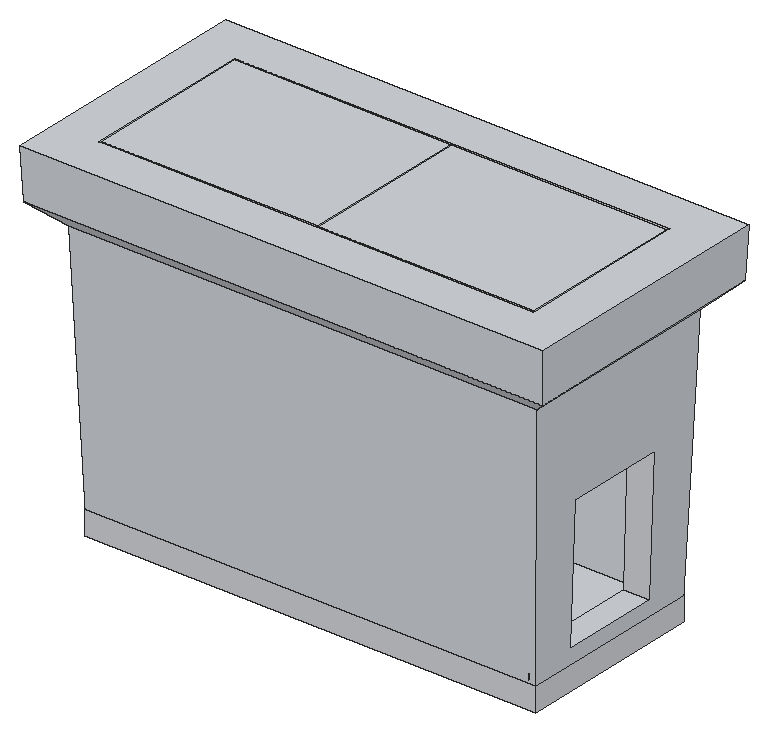
Revit family "ACO PitLok_Concrete", category Electrical Equipment, Revit 2015
Parameters (values of type "J8 - ACO PitLok - split body")
  type_index = 6
  pit_weight [instance] = if(product_index = 12, "3980 kg", if(product_index = 11, "1419 kg", if(product_index = 10, "906 kg", if(product_index = 9, "930 kg", if(product_index = 8, "1168 kg", if(product_index = 7, "1180 kg", if(product_index = 6, "841 kg", if(product_index = 5, "765 kg", if(product_index = 4, "488 kg", if(product_index = 3, "495 kg", if(product_index = 2, "413 kg", if(product_index = 1, "424 kg", "0"))))))))))))  # "841 kg"
  overall_top_width = size_lookup(lookup_table_name, "L2", 0 mm, type_index)  # 770 mm
  overall_top_length = size_lookup(lookup_table_name, "L1", 0 mm, type_index)  # 1565 mm
  overall_depth = size_lookup(lookup_table_name, "h", 0 mm, type_index)  # 1055 mm
  lid_weight [instance] = if(product_index = 12, "N/A", if(product_index = 11, "N/A", if(product_index = 10, "89 kg", if(product_index = 9, "89 kg", if(product_index = 8, "67 kg", if(product_index = 7, "67 kg", if(product_index = 6, "46 kg", if(product_index = 5, "46 kg", if(product_index = 4, "22 kg", if(product_index = 3, "22 kg", if(product_index = 2, "19 kg", if(product_index = 1, "19 kg", "0"))))))))))))  # "46 kg"
  cover_lifting_weight [instance] = if(product_index = 12, "53 kg", if(product_index = 11, "53 kg", if(product_index = 10, "44 kg", if(product_index = 9, "44 kg", if(product_index = 8, "23 kg", if(product_index = 7, "23 kg", if(product_index = 6, "23 kg", if(product_index = 5, "23 kg", if(product_index = 4, "21 kg", if(product_index = 3, "21 kg", if(product_index = 2, "18 kg", if(product_index = 1, "18 kg", "0"))))))))))))  # "23 kg"
  bottom_width = size_lookup(lookup_table_name, "y", 0 mm, type_index)  # 555 mm
  bottom_length = size_lookup(lookup_table_name, "x", 0 mm, type_index)  # 1350 mm
  splitbody_plate [instance] = or(product_index = 2, product_index = 4, product_index = 6, product_index = 8, product_index = 10, product_index = 11, product_index = 12)  # yes
  product_index [instance] = size_lookup(lookup_table_name, "pi", 0, type_index)  # 6
  lookup_table_name = "ACO PitLok"  # constant formula
  article_number [instance] = if(product_index = 12, "142521", if(product_index = 11, "142237", if(product_index = 10, "142252", if(product_index = 9, "142251", if(product_index = 8, "142250", if(product_index = 7, "142249", if(product_index = 6, "142248", if(product_index = 5, "142247", if(product_index = 4, "142246", if(product_index = 3, "142245", if(product_index = 2, "142244", if(product_index = 1, "142243", "0"))))))))))))  # "142248"
  URL = ""
  UF number = "G4010.10"  # constant formula
  Model = "ACO PitLok"  # constant formula
  Manufacturer = "ACO Pty Ltd\r\n"  # constant formula
  MF number = "337173"  # constant formula
  J8 [instance] = or(product_index = 5, product_index = 6)  # yes
  J600 [instance] = or(product_index = 3, product_index = 4)  # no
  J5 [instance] = or(product_index = 1, product_index = 2)  # no
  J1500H [instance] = and(product_index = 12)  # no
  J1000H [instance] = and(product_index = 11)  # no
  J1000 [instance] = or(product_index = 9, product_index = 10)  # no
  J10 [instance] = or(product_index = 7, product_index = 8)  # no
  Description = "ACO PitLok High Security Trafficable Enclosures"  # constant formula
  Clear Opening Dimensions [instance] = if(product_index = 12, "1100 x 1100 x 1260 mm", if(product_index = 11, "1100 x 1100 x 1000 mm", if(product_index = 10, "955 x 955 x 780 mm", if(product_index = 9, "955 x 955 x 780 mm", if(product_index = 8, "1885 x 455 x 925 mm", if(product_index = 7, "1885 x 455 x 925 mm", if(product_index = 6, "1265 x 455 x 975 mm", if(product_index = 5, "1265 x 455 x 975 mm", if(product_index = 4, "555 x 555 x 780 mm", if(product_index = 3, "555 x 555 x 780 mm", if(product_index = 2, "608 x 358 x 780 mm", if(product_index = 1, "608 x 358 x 780 mm", "0"))))))))))))  # "1265 x 455 x 975 mm"
  Assembly Code = ""
Types (13, lengths in mm): name | type_index | pit_weight | overall_top_width | overall_top_length | overall_depth | lid_weight | cover_lifting_weight | bottom_width | bottom_length | splitbody_plate | product_index | article_number | URL | J8 | J600 | J5 | J1500H | J1000H | J1000 | J10 | Clear Opening Dimensions | Assembly Code
  (no name) | 6 | "841 kg" | 770 | 1565 | 1055 | "46 kg" | "23 kg" | 555 | 1350 | yes | 6 | "142248" | "" | yes | no | no | no | no | no | no | "1265 x 455 x 975 mm" | ""
  J5 - ACO PitLok - full body | 1 | "424 kg" | 660 | 910 | 860 | "19 kg" | "18 kg" | 454 | 704 | no | 1 | "142243" | "" | no | no | yes | no | no | no | no | "608 x 358 x 780 mm" | ""
  J5 - ACO PitLok - split body | 2 | "413 kg" | 660 | 910 | 860 | "19 kg" | "18 kg" | 460 | 709 | yes | 2 | "142244" | "" | no | no | yes | no | no | no | no | "608 x 358 x 780 mm" | ""
  J600 - ACO PitLok - full body | 3 | "495 kg" | 805 | 805 | 860 | "22 kg" | "21 kg" | 650 | 650 | no | 3 | "142245" | "" | no | yes | no | no | no | no | no | "555 x 555 x 780 mm" | ""
  J600 - ACO PitLok - split body | 4 | "488 kg" | 805 | 805 | 860 | "22 kg" | "21 kg" | 655 | 655 | yes | 4 | "142246" | "" | no | yes | no | no | no | no | no | "555 x 555 x 780 mm" | ""
  J8 - ACO PitLok - full body | 5 | "765 kg" | 770 | 1565 | 1055 | "46 kg" | "23 kg" | 550 | 1345 | no | 5 | "142247" | "acocablemate.com.au" | yes | no | no | no | no | no | no | "1265 x 455 x 975 mm" | "D5030800"
  J8 - ACO PitLok - split body | 6 | "841 kg" | 770 | 1565 | 1055 | "46 kg" | "23 kg" | 555 | 1350 | yes | 6 | "142248" | "" | yes | no | no | no | no | no | no | "1265 x 455 x 975 mm" | ""
  J10 - ACO PitLok - full body | 7 | "1180 kg" | 760 | 2220 | 1070 | "67 kg" | "23 kg" | 513 | 1948 | no | 7 | "142249" | "" | no | no | no | no | no | no | yes | "1885 x 455 x 925 mm" | ""
  J10 - ACO PitLok - split body | 8 | "1168 kg" | 760 | 2220 | 1070 | "67 kg" | "23 kg" | 524 | 1984 | yes | 8 | "142250" | "" | no | no | no | no | no | no | yes | "1885 x 455 x 925 mm" | ""
  J1000 - ACO PitLok - full body | 9 | "930 kg" | 1245 | 1245 | 1070 | "89 kg" | "44 kg" | 1041 | 1041 | no | 9 | "142251" | "" | no | no | no | no | no | yes | no | "955 x 955 x 780 mm" | ""
  J1000 - ACO PitLok - split body | 10 | "906 kg" | 1245 | 1245 | 1070 | "89 kg" | "44 kg" | 1050 | 1050 | yes | 10 | "142252" | "" | no | no | no | no | no | yes | no | "955 x 955 x 780 mm" | ""
  J1000H - ACO PitLok - full body | 11 | "1419 kg" | 1400 | 1400 | 1310 | "N/A" | "53 kg" | 1180 | 1180 | yes | 11 | "142237" | "" | no | no | no | no | yes | no | no | "1100 x 1100 x 1000 mm" | ""
  J1500H - ACO PitLok - full body | 12 | "3980 kg" | 1400 | 1400 | 1570 | "N/A" | "53 kg" | 1760 | 1760 | yes | 12 | "142521" | "" | no | no | no | yes | no | no | no | "1100 x 1100 x 1260 mm" | ""
Reference planes
  plane 1 "Center (Front/Back)": y = 0
  plane 2: z = 0
  plane 3 "Center (Left/Right)": x = 0
  plane 4: x = -782.5
  plane 5: x = 782.5
  plane 6: y = -385
  plane 7: y = 385
  plane 8 "Pit_top": z = -999.8
  plane 9 "pit_bottom": z = -2054.8
  plane 10: y = 277.5
  plane 11: y = -277.5
  plane 12: x = 675
  plane 13: x = -675
Forms (mm)
  Extrusion 1, solid, visible <- "splitbody_plate"
    sketch origin (0, 0, 0) x (1, 0, 0) y (0, 0, 1)
      loop
        line (-675, -1974.847) -> (-675, -2054.8) -> (675, -2054.8) -> (675, -1974.849) -> (654.569, -1974.849) -> (654.569, -1954.849) -> (-655, -1954.849) -> (-655, -1974.847) -> (-675, -1974.847)
    from -277.5 to 277.5
Dimensions and locks
  equal spacing: plane 4, plane 3 "Center (Left/Right)", plane 5
  equal spacing: plane 6, plane 1 "Center (Front/Back)", plane 7
  "overall_top_length": plane 4 to plane 5
  "overall_top_width": plane 6 to plane 7
  Extrusion 1 sketch curve to Extrusion 1 sketch curve to Extrusion 1 sketch curve = 20 mm locked, 79.951 mm locked
  equal spacing: plane 13, plane 3 "Center (Left/Right)", plane 12
  equal spacing: plane 10, plane 1 "Center (Front/Back)", plane 11
  "bottom_length": plane 13 to plane 12
  "bottom_width": plane 10 to plane 11
  locked: level to plane 8 "Pit_top" at 999.8
  "overall_depth": plane 8 "Pit_top" to plane 9 "pit_bottom"
  aligned and locked: level to plane 2
  aligned and locked: plane 3 "Center (Left/Right)" to nested 1
  aligned and locked: plane 1 "Center (Front/Back)" to nested 1
  aligned and locked: plane 3 "Center (Left/Right)" to nested 3
  aligned and locked: plane 1 "Center (Front/Back)" to nested 3
  aligned and locked: plane 3 "Center (Left/Right)" to nested 4
  aligned and locked: plane 1 "Center (Front/Back)" to nested 4
  aligned and locked: plane 3 "Center (Left/Right)" to nested 7
  aligned and locked: plane 1 "Center (Front/Back)" to nested 7
  aligned and locked: plane 1 "Center (Front/Back)" to nested 5
  aligned and locked: plane 3 "Center (Left/Right)" to nested 6
  aligned and locked: plane 1 "Center (Front/Back)" to nested 6
  aligned and locked: plane 3 "Center (Left/Right)" to nested 5
  aligned and locked: plane 3 "Center (Left/Right)" to nested 2
  aligned and locked: plane 1 "Center (Front/Back)" to nested 2
  aligned and locked: plane 9 "pit_bottom" to Extrusion 1 sketch curve
  aligned and locked: Extrusion 1 to plane 10
  aligned and locked: Extrusion 1 to plane 11
  aligned and locked: plane 12 to Extrusion 1
  aligned and locked: plane 13 to Extrusion 1
  aligned and locked: plane 8 "Pit_top" to nested 1
  aligned and locked: plane 8 "Pit_top" to nested 4
  aligned and locked: plane 8 "Pit_top" to nested 2
  aligned and locked: plane 8 "Pit_top" to nested 3
  aligned and locked: plane 8 "Pit_top" to nested 5
  aligned and locked: plane 8 "Pit_top" to nested 6
  aligned and locked: plane 8 "Pit_top" to nested 7
Automatic sketch dimensions
  plane 4 to Extrusion 1 sketch curve = 107.5 mm
  Extrusion 1 sketch curve to Extrusion 1 sketch curve = 20 mm
  Extrusion 1 sketch curve to Extrusion 1 sketch curve = 20.431 mm
  Extrusion 1 sketch curve to Extrusion 1 sketch curve = 19.998 mm
  Extrusion 1 sketch curve to plane 5 = 127.931 mm
Nested families
  nested 1: "J5" at (0, 0, -695), visible <- "J5", type "J5"
  nested 2: "J8" at (0, 0, -695), visible <- "J8", type "J8"
  nested 3: "J10" at (0, 0, -695), visible <- "J10", type "J10"
  nested 4: "J600" at (0, 0, -695), visible <- "J600", type "J600"
  nested 5: "J1000" at (0, 0, -695), visible <- "J1000", type "J1000"
  nested 6: "J1000H" at (0, 0, -695), visible <- "J1000H", type "J1000H"
  nested 7: "J1500H" at (0, 0, -695), visible <- "J1500H", type "J1500H"
Definition of nested family "J8"
  Parameters
    visibility = yes
    overall_top_width = 770 mm  # constant formula
    overall_top_length = 1565 mm  # constant formula
    overall_depth = 1051 mm  # constant formula
    URL = ""
    Model = ""
    Manufacturer = ""
    Description = ""
    Assembly Code = ""
  Reference planes
    plane 1 "Center (Front/Back)": y = 0
    plane 2: z = 0
    plane 3 "Center (Left/Right)": x = 0
    plane 4: x = -782.5
    plane 5: x = 782.5
    plane 6: y = -385
    plane 7: y = 385
    plane 8 "Pit_top": z = -304.8
    plane 9 "pit_bottom": z = -1355.8
  Forms (mm)
    Sweep 1, solid, visible <- "visibility"
      path origin (0, 0, -304.8) x (-1, 0, 0) y (0, -1, 0)
        loop
          line (782.5, -385) -> (782.5, 385) -> (-782.5, 385) -> (-782.5, -385) -> (782.5, -385)
      profile origin (0, 385, -304.8) x (0, 1, 0) y (0, 0, 1)
        loop
          line (0, 0) -> (-130, 0) -> (-130, -45) -> (-154.665, -45) -> (-187.513, -981.664)
          arc (-187.513, -981.664) -> (-193.597, -995.375) -> (-207.502, -1001) r 20
          line (-207.502, -1001) -> (-207.502, -1051) -> (-109.886, -1051) -> (-80.741, -220.408) -> (-5.238, -150) -> (0, 0)
    Extrusion 2, void
      sketch origin (0, 0, 0) x (0, 1, 0) y (0, 0, 1)
        loop
          line (150, -840.82) -> (-150, -840.82) -> (-150, -1245.573) -> (150, -1245.573) -> (150, -840.82)
      from -782.5 to 782.5
    Extrusion 3, solid, visible <- "visibility"
      sketch origin (0, 0, -1355.8) x (-1, 0, 0) y (0, -1, 0)
        loop
          line (574.998, -230.335) -> (574.998, 230.335) -> (-574.998, 230.335) -> (-574.998, -230.335) -> (574.998, -230.335)
      from 0 to 50
    Extrusion 4, solid, visible <- "visibility"
      sketch origin (0, 0, -1355.8) x (-1, 0, 0) y (0, -1, 0)
        loop
          line (647.5, -248.429) -> (647.5, 248.429) -> (0, 248.429) -> (0, -248.429) -> (647.5, -248.429)
        loop
          line (-1.908, -248.429) -> (-1.908, 248.429) -> (-647.5, 248.429) -> (-647.5, -248.429) -> (-1.908, -248.429)
      from 1041 to 1051
  Cuts and joins
    Extrusion 2 cuts Sweep 1
    joined: Sweep 1, Extrusion 3
  Dimensions and locks
    equal spacing: plane 4, plane 3 "Center (Left/Right)", plane 5
    equal spacing: plane 6, plane 1 "Center (Front/Back)", plane 7
    "overall_depth": plane 8 "Pit_top" to plane 9 "pit_bottom"
    "overall_top_length": plane 4 to plane 5
    "overall_top_width": plane 6 to plane 7
    aligned and locked: level to plane 2
    aligned and locked: plane 7 to Sweep 1 sketch curve
    aligned and locked: plane 4 to Sweep 1 sketch curve
    aligned and locked: Sweep 1 sketch curve to plane 6
    aligned and locked: Sweep 1 sketch curve to plane 5
    aligned and locked: plane 9 "pit_bottom" to Sweep 1 sketch curve
    aligned and locked: plane 5 to Extrusion 2
    aligned and locked: Extrusion 2 to plane 4
    aligned and locked: Extrusion 3 sketch curve to cut or joined group of Sweep 1, Extrusion 2, Extrusion 3  (x2)
    aligned and locked: Extrusion 3 to plane 9 "pit_bottom"
  Automatic sketch dimensions
    Sweep 1 sketch curve to plane 8 "Pit_top" = 0 mm
    Sweep 1 sketch curve to profile plane = 0 mm
    profile plane to Sweep 1 sketch curve = 5.238 mm
    profile plane to Sweep 1 sketch curve = 80.741 mm
    profile plane to Sweep 1 sketch curve = 109.886 mm
    Sweep 1 sketch curve to plane 8 "Pit_top" = 45 mm
    profile plane to Sweep 1 sketch curve = 130 mm
    Sweep 1 sketch curve to Sweep 1 sketch curve = 24.665 mm
    Sweep 1 sketch curve to Sweep 1 sketch curve = 77.627 mm
    Sweep 1 sketch curve to Sweep 1 sketch curve = 19.989 mm
    Sweep 1 sketch curve to Sweep 1 sketch curve = 69.336 mm
    Sweep 1 sketch curve to Sweep 1 sketch curve = 0.664 mm
    Sweep 1 sketch curve to Sweep 1 sketch curve = 175.408 mm
    Sweep 1 sketch curve to Sweep 1 sketch curve = 70.408 mm
    plane 1 "Center (Front/Back)" to Extrusion 2 sketch curve = 150 mm
    Extrusion 2 sketch curve to plane 1 "Center (Front/Back)" = 150 mm
    plane 9 "pit_bottom" to Extrusion 2 sketch curve = 110.227 mm
    Extrusion 2 sketch curve to Extrusion 2 sketch curve = 404.753 mm
    Extrusion 3 sketch curve to plane 5 = 207.502 mm
    plane 4 to Extrusion 3 sketch curve = 207.502 mm
    Extrusion 4 sketch curve to plane 3 "Center (Left/Right)" = 0 mm
    plane 3 "Center (Left/Right)" to Extrusion 4 sketch curve = 1.908 mm
    Extrusion 4 sketch curve to plane 5 = 135 mm
    plane 4 to Extrusion 4 sketch curve = 135 mm
    plane 7 to Extrusion 4 sketch curve = 136.571 mm  (x2)
    Extrusion 4 sketch curve to plane 6 = 136.571 mm
    Extrusion 4 sketch curve to Extrusion 4 sketch curve = 0 mm
Definition of nested family "J5"
  Parameters
    visibility = yes
    overall_top_width = 660 mm  # constant formula
    overall_top_length = 910 mm  # constant formula
    overall_depth = 860 mm  # constant formula
    URL = ""
    Model = ""
    Manufacturer = ""
    Description = ""
    Assembly Code = ""
  Reference planes
    plane 1 "Center (Front/Back)": y = 0
    plane 2: z = 0
    plane 3 "Center (Left/Right)": x = 0
    plane 4: x = -455
    plane 5: x = 455
    plane 6: y = -330
    plane 7: y = 330
    plane 8 "Pit_top": z = -304.8
    plane 9 "pit_bottom": z = -1164.8
  Forms (mm)
    Sweep 1, solid, visible <- "visibility"
      path origin (0, 0, -304.8) x (-1, 0, 0) y (0, -1, 0)
        loop
          line (455, -330) -> (455, 330) -> (-455, 330) -> (-455, -330) -> (455, -330)
      profile origin (0, 330, -304.8) x (0, 1, 0) y (0, 0, 1)
        loop
          line (0, 0) -> (-130, 0) -> (-130, -45) -> (-154.665, -45) -> (-180.953, -797.795)
          arc (-180.953, -797.795) -> (-188.347, -806.633) -> (-199.385, -809.943) r 20.057
          line (-199.385, -809.943) -> (-199.385, -860) -> (-103.076, -860) -> (-80.741, -220.408) -> (-5.238, -150) -> (0, 0)
    Extrusion 2, solid, visible <- "visibility"
      sketch origin (0, 0, -1164.8) x (-1, 0, 0) y (0, -1, 0)
        loop
          line (322, -197) -> (322, 197) -> (-322, 197) -> (-322, -197) -> (322, -197)
      from 851.821 to 860
    Extrusion 3, void
      sketch origin (0, 0, 0) x (0, 1, 0) y (0, 0, 1)
        loop
          line (150, -649.82) -> (-150.724, -649.82) -> (-150.724, -1054.574) -> (150, -1054.574) -> (150, -649.82)
      from -455 to 455
    Extrusion 4, solid, visible <- "visibility"
      sketch origin (0, 0, -1164.8) x (-1, 0, 0) y (0, -1, 0)
        loop
          line (255.615, -175.335) -> (255.615, 175.335) -> (-255.615, 175.335) -> (-255.615, -175.335) -> (255.615, -175.335)
      from 0 to 62.205
  Cuts and joins
    Extrusion 3 cuts Sweep 1
    joined: Sweep 1, Extrusion 4
  Dimensions and locks
    equal spacing: plane 4, plane 3 "Center (Left/Right)", plane 5
    equal spacing: plane 6, plane 1 "Center (Front/Back)", plane 7
    "overall_depth": plane 8 "Pit_top" to plane 9 "pit_bottom"
    "overall_top_length": plane 4 to plane 5
    "overall_top_width": plane 6 to plane 7
    Sweep 1 sketch curve to Sweep 1 sketch curve to Sweep 1 sketch curve to Sweep 1 sketch curve = 639.592 mm locked, 70.408 mm locked, 150 mm locked
    aligned and locked: level to plane 2
    aligned and locked: plane 7 to Sweep 1 sketch curve
    aligned and locked: plane 4 to Sweep 1 sketch curve
    aligned and locked: Sweep 1 sketch curve to plane 6
    aligned and locked: Sweep 1 sketch curve to plane 5
    aligned and locked: plane 5 to Extrusion 3
    aligned and locked: Extrusion 3 to plane 4
    aligned and locked: Extrusion 4 sketch curve to cut or joined group of Sweep 1, Extrusion 3, Extrusion 4  (x2)
    aligned and locked: Extrusion 4 to cut or joined group of Sweep 1, Extrusion 3, Extrusion 4
  Automatic sketch dimensions
    Sweep 1 sketch curve to plane 8 "Pit_top" = 0 mm
    Sweep 1 sketch curve to profile plane = 0 mm
    profile plane to Sweep 1 sketch curve = 5.238 mm
    profile plane to Sweep 1 sketch curve = 80.741 mm
    profile plane to Sweep 1 sketch curve = 103.076 mm
    profile plane to Sweep 1 sketch curve = 130 mm
    Sweep 1 sketch curve to Sweep 1 sketch curve = 24.665 mm
    Sweep 1 sketch curve to plane 8 "Pit_top" = 45 mm
    Sweep 1 sketch curve to Sweep 1 sketch curve = 77.877 mm
    Sweep 1 sketch curve to Sweep 1 sketch curve = 18.432 mm
    Sweep 1 sketch curve to Sweep 1 sketch curve = 62.205 mm
    Sweep 1 sketch curve to Sweep 1 sketch curve = 12.148 mm
    Extrusion 2 sketch curve to plane 5 = 133 mm
    plane 4 to Extrusion 2 sketch curve = 133 mm
    plane 7 to Extrusion 2 sketch curve = 133 mm
    Extrusion 2 sketch curve to plane 6 = 133 mm
    plane 1 "Center (Front/Back)" to Extrusion 3 sketch curve = 150.724 mm
    Extrusion 3 sketch curve to plane 1 "Center (Front/Back)" = 150 mm
    plane 9 "pit_bottom" to Extrusion 3 sketch curve = 110.226 mm
    Extrusion 3 sketch curve to plane 8 "Pit_top" = 345.02 mm
    plane 4 to Extrusion 4 sketch curve = 199.385 mm
    Extrusion 4 sketch curve to plane 5 = 199.385 mm
Definition of nested family "J10"
  Parameters
    visibility = yes
    overall_top_width = 760 mm  # constant formula
    overall_top_length = 2220 mm  # constant formula
    overall_depth = 1070 mm  # constant formula
    URL = ""
    Model = ""
    Manufacturer = ""
    Description = ""
    Assembly Code = ""
  Reference planes
    plane 1 "Center (Front/Back)": y = 0
    plane 2: z = 0
    plane 3 "Center (Left/Right)": x = 0
    plane 4: x = -1110
    plane 5: x = 1110
    plane 6: y = -380
    plane 7: y = 380
    plane 8 "Pit_top": z = -304.8
    plane 9 "pit_bottom": z = -1374.8
  Forms (mm)
    Sweep 1, solid, visible <- "visibility"
      path origin (0, 0, -304.8) x (-1, 0, 0) y (0, -1, 0)
        loop
          line (1110, -380) -> (1110, 380) -> (-1110, 380) -> (-1110, -380) -> (1110, -380)
      profile origin (0, 380, -304.8) x (0, 1, 0) y (0, 0, 1)
        loop
          line (0, 0) -> (-126.5, 0) -> (-126.5, -42.954) -> (-146.003, -42.954) -> (-165.358, -985)
          arc (-165.358, -985) -> (-176.578, -1012.087) -> (-203.664, -1023.306) r 38.306
          line (-203.664, -1023.306) -> (-203.664, -1070) -> (-123.664, -1070) -> (-85.098, -226.547) -> (-3.083, -150.067) -> (0, 0)
    Extrusion 2, solid, visible <- "visibility"
      sketch origin (0, 0, -1374.8) x (-1, 0, 0) y (0, -1, 0)
        loop
          line (906.336, -176.336) -> (906.336, 176.336) -> (-906.336, 176.336) -> (-906.336, -176.336) -> (906.336, -176.336)
      from 0 to 46.694
    Extrusion 3, solid, visible <- "visibility"
      sketch origin (0, 0, -1374.8) x (-1, 0, 0) y (0, -1, 0)
        loop
          line (978.5, 248.5) -> (342.437, 248.5) -> (342.437, -248.5) -> (978.5, -248.5) -> (978.5, 248.5)
        loop
          line (-312.682, -248.5) -> (-312.682, 248.5) -> (-978.5, 248.5) -> (-978.5, -248.5) -> (-312.682, -248.5)
        loop
          line (341.493, -248.5) -> (341.493, 248.5) -> (-311.5, 248.5) -> (-311.5, -248.5) -> (341.493, -248.5)
      from 1040 to 1070
    Extrusion 4, void
      sketch origin (0, 0, 0) x (0, 1, 0) y (0, 0, 1)
        loop
          line (155, -857.17) -> (-145, -857.17) -> (-145, -1278.916) -> (155, -1278.916) -> (155, -857.17)
      from -1110 to 1110
  Cuts and joins
    Extrusion 4 cuts Sweep 1
    joined: Sweep 1, Extrusion 2
  Dimensions and locks
    equal spacing: plane 4, plane 3 "Center (Left/Right)", plane 5
    equal spacing: plane 6, plane 1 "Center (Front/Back)", plane 7
    "overall_depth": plane 8 "Pit_top" to plane 9 "pit_bottom"
    "overall_top_length": plane 4 to plane 5
    "overall_top_width": plane 6 to plane 7
    aligned and locked: level to plane 2
    aligned and locked: plane 7 to Sweep 1 sketch curve
    aligned and locked: plane 4 to Sweep 1 sketch curve
    aligned and locked: Sweep 1 sketch curve to plane 6
    aligned and locked: Sweep 1 sketch curve to plane 5
    aligned and locked: Extrusion 2 to plane 9 "pit_bottom"
    aligned and locked: plane 5 to Extrusion 4
    aligned and locked: Extrusion 4 to plane 4
    aligned and locked: Extrusion 2 to Sweep 1  (x5)
  Automatic sketch dimensions
    Extrusion 2 sketch curve to plane 5 = 203.664 mm
    plane 4 to Extrusion 2 sketch curve = 203.664 mm
    plane 7 to Extrusion 2 sketch curve = 203.664 mm
    Extrusion 2 sketch curve to plane 6 = 203.664 mm
    plane 1 "Center (Front/Back)" to Extrusion 4 sketch curve = 145 mm
    Extrusion 4 sketch curve to plane 1 "Center (Front/Back)" = 155 mm
    plane 9 "pit_bottom" to Extrusion 4 sketch curve = 95.884 mm
    Extrusion 4 sketch curve to Extrusion 4 sketch curve = 421.746 mm
    Extrusion 3 sketch curve to plane 5 = 131.5 mm
    Extrusion 3 sketch curve to plane 6 = 131.5 mm
    plane 3 "Center (Left/Right)" to Extrusion 3 sketch curve = 312.682 mm
    Extrusion 3 sketch curve to Extrusion 3 sketch curve = 1.182 mm
    plane 7 to Extrusion 3 sketch curve = 131.5 mm
    Extrusion 3 sketch curve to plane 3 "Center (Left/Right)" = 341.493 mm
    Extrusion 3 sketch curve to Extrusion 3 sketch curve = 0.944 mm
    plane 4 to Extrusion 3 sketch curve = 131.5 mm
    Extrusion 3 sketch curve to Extrusion 3 sketch curve = 0 mm  (x4)
    Sweep 1 sketch curve to plane 8 "Pit_top" = 0 mm
    Sweep 1 sketch curve to profile plane = 0 mm
    profile plane to Sweep 1 sketch curve = 3.083 mm
    profile plane to Sweep 1 sketch curve = 126.5 mm
    Sweep 1 sketch curve to Sweep 1 sketch curve = 19.503 mm
    profile plane to Sweep 1 sketch curve = 165.358 mm
    Sweep 1 sketch curve to Sweep 1 sketch curve = 38.306 mm
    Sweep 1 sketch curve to plane 8 "Pit_top" = 42.954 mm
    Sweep 1 sketch curve to plane 8 "Pit_top" = 150.067 mm
    Sweep 1 sketch curve to Sweep 1 sketch curve = 834.933 mm
    Sweep 1 sketch curve to Sweep 1 sketch curve = 46.694 mm
    profile plane to Sweep 1 sketch curve = 85.098 mm
    Sweep 1 sketch curve to Sweep 1 sketch curve = 80 mm
    Sweep 1 sketch curve to Sweep 1 sketch curve = 76.48 mm
Definition of nested family "J600"
  Parameters
    visibility = yes
    overall_top_width = 805 mm  # constant formula
    overall_top_length = 805 mm  # constant formula
    overall_depth = 860 mm  # constant formula
    URL = ""
    Model = ""
    Manufacturer = ""
    Description = ""
    Assembly Code = ""
  Reference planes
    plane 1 "Center (Front/Back)": y = 0
    plane 2: z = 0
    plane 3 "Center (Left/Right)": x = 0
    plane 4: x = -402.5
    plane 5: x = 402.5
    plane 6: y = -402.5
    plane 7: y = 402.5
    plane 8 "Pit_top": z = -304.8
    plane 9 "pit_bottom": z = -1164.8
  Forms (mm)
    Sweep 1, solid, visible <- "visibility"
      path origin (0, 0, -304.8) x (-1, 0, 0) y (0, -1, 0)
        loop
          line (402.5, -402.5) -> (402.5, 402.5) -> (-402.5, 402.5) -> (-402.5, -402.5) -> (402.5, -402.5)
      profile origin (0, 402.5, -304.8) x (0, 1, 0) y (0, 0, 1)
        loop
          line (-104, 0) -> (-104, -45) -> (-128.902, -45) -> (-153.76, -749.774) -> (-155.189, -790.698)
          arc (-155.189, -790.698) -> (-161.284, -804.387) -> (-175.177, -810) r 20
          line (-175.177, -810) -> (-198.62, -810) -> (-198.62, -860) -> (-77.561, -860) -> (-54.123, -195.497) -> (-5.235, -149.909) -> (0, 0) -> (-104, 0)
    Extrusion 2, void
      sketch origin (0, 0, 0) x (0, 1, 0) y (0, 0, 1)
        loop
          line (-148.619, -1054.574) -> (151.381, -1054.574) -> (151.381, -652.089) -> (-148.619, -652.089) -> (-148.619, -1054.574)
      from -402.5 to 402.5
    Extrusion 3, solid, visible <- "visibility"
      sketch origin (0, 0, -1164.8) x (-1, 0, 0) y (0, -1, 0)
        loop
          line (203.88, -203.88) -> (203.88, 203.88) -> (-203.88, 203.88) -> (-203.88, -203.88) -> (203.88, -203.88)
      from 0 to 50
    Extrusion 4, void
      sketch origin (0, 0, 0) x (1, 0, 0) y (0, 0, 1)
        loop
          line (-150, -652.089) -> (-150, -1054.574) -> (150, -1054.574) -> (150, -652.089) -> (-150, -652.089)
      from -348.377 to 348.377
    Extrusion 5, solid, visible <- "visibility"
      sketch origin (0, 0, -1164.8) x (-1, 0, 0) y (0, -1, 0)
        loop
          line (-297.25, -297.25) -> (297.25, -297.25) -> (297.25, 296) -> (-297.25, 296) -> (-297.25, -297.25)
      from 841.647 to 860
  Cuts and joins
    Extrusion 2, Extrusion 4 cuts Sweep 1
    joined: Sweep 1, Extrusion 3
  Dimensions and locks
    equal spacing: plane 4, plane 3 "Center (Left/Right)", plane 5
    equal spacing: plane 6, plane 1 "Center (Front/Back)", plane 7
    "overall_depth": plane 8 "Pit_top" to plane 9 "pit_bottom"
    "overall_top_length": plane 4 to plane 5
    "overall_top_width": plane 6 to plane 7
    locked: Extrusion 2 sketch curve to Extrusion 2 sketch curve at 402.485
    locked: Extrusion 2 sketch curve to Extrusion 2 sketch curve at 300
    aligned and locked: level to plane 2
    aligned and locked: plane 7 to Sweep 1 sketch curve
    aligned and locked: plane 4 to Sweep 1 sketch curve
    aligned and locked: Sweep 1 sketch curve to plane 6
    aligned and locked: Sweep 1 sketch curve to plane 5
    aligned and locked: plane 5 to Extrusion 2
    aligned and locked: Extrusion 2 to plane 4
    aligned and locked: plane 8 "Pit_top" to Sweep 1 sketch curve
    aligned and locked: Sweep 1 sketch curve to plane 9 "pit_bottom"
    aligned and locked: cut or joined group of Sweep 1, Extrusion 2, Extrusion 3, Extrusion 4 to Extrusion 4
  Automatic sketch dimensions
    plane 1 "Center (Front/Back)" to Extrusion 2 sketch curve = 148.619 mm
    Extrusion 3 sketch curve to plane 5 = 198.62 mm
    plane 4 to Extrusion 3 sketch curve = 198.62 mm
    plane 7 to Extrusion 3 sketch curve = 198.62 mm
    Extrusion 3 sketch curve to plane 6 = 198.62 mm
    plane 9 "pit_bottom" to Extrusion 2 sketch curve = 110.226 mm
    Sweep 1 sketch curve to profile plane = 0 mm
    profile plane to Sweep 1 sketch curve = 5.235 mm
    profile plane to Sweep 1 sketch curve = 54.123 mm
    profile plane to Sweep 1 sketch curve = 77.561 mm
    profile plane to Sweep 1 sketch curve = 104 mm
    Sweep 1 sketch curve to Sweep 1 sketch curve = 76.2 mm
    Sweep 1 sketch curve to Sweep 1 sketch curve = 1.429 mm
    Sweep 1 sketch curve to Sweep 1 sketch curve = 19.988 mm
    Sweep 1 sketch curve to Sweep 1 sketch curve = 23.443 mm
    Sweep 1 sketch curve to plane 8 "Pit_top" = 149.909 mm
    Sweep 1 sketch curve to Sweep 1 sketch curve = 45.589 mm
    Sweep 1 sketch curve to Sweep 1 sketch curve = 40.226 mm
    Sweep 1 sketch curve to Sweep 1 sketch curve = 0.698 mm
    Sweep 1 sketch curve to Sweep 1 sketch curve = 0 mm  (x3)
    Sweep 1 sketch curve to Sweep 1 sketch curve = 50 mm
    Sweep 1 sketch curve to Sweep 1 sketch curve = 24.902 mm
    Sweep 1 sketch curve to plane 8 "Pit_top" = 45 mm
    Extrusion 4 sketch curve to plane 3 "Center (Left/Right)" = 150 mm
    plane 3 "Center (Left/Right)" to Extrusion 4 sketch curve = 150 mm
    plane 9 "pit_bottom" to Extrusion 4 sketch curve = 110.226 mm
    Extrusion 4 sketch curve to plane 8 "Pit_top" = 347.289 mm
    plane 4 to Extrusion 5 sketch curve = 105.25 mm
    plane 7 to Extrusion 5 sketch curve = 105.25 mm
    Extrusion 5 sketch curve to plane 5 = 105.25 mm
    Extrusion 5 sketch curve to plane 6 = 106.5 mm
Definition of nested family "J1000"
  Parameters
    visibility = yes
    overall_top_width = 1245 mm  # constant formula
    overall_top_length = 1245 mm  # constant formula
    overall_depth = 1070 mm  # constant formula
    URL = ""
    Model = ""
    Manufacturer = ""
    Description = ""
    Assembly Code = ""
  Reference planes
    plane 1 "Center (Front/Back)": y = 0
    plane 2: z = 0
    plane 3 "Center (Left/Right)": x = 0
    plane 4: x = -622.5
    plane 5: x = 622.5
    plane 6: y = -622.5
    plane 7: y = 622.5
    plane 8 "Pit_top": z = -304.8
    plane 9 "pit_bottom": z = -1374.8
  Forms (mm)
    Sweep 1, solid, visible <- "visibility"
      path origin (0, 0, -304.8) x (-1, 0, 0) y (0, -1, 0)
        loop
          line (622.5, -622.5) -> (622.5, 622.5) -> (-622.5, 622.5) -> (-622.5, -622.5) -> (622.5, -622.5)
      profile origin (0, 622.5, -304.8) x (0, 1, 0) y (0, 0, 1)
        loop
          line (0, 0) -> (-122, 0) -> (-122, -45) -> (-145.283, -45) -> (-177.385, -1001.104)
          arc (-177.385, -1001.104) -> (-182.872, -1014.35) -> (-196.119, -1019.837) r 18.734
          line (-196.119, -1019.837) -> (-196.119, -1070) -> (-101.695, -1070) -> (-79.313, -219.076) -> (-5.238, -150) -> (0, 0)
    Extrusion 2, void
      sketch origin (0, 0, 0) x (0, 1, 0) y (0, 0, 1)
        loop
          line (-148.619, -1264.974) -> (151.381, -1264.974) -> (151.381, -861.974) -> (-148.619, -861.974) -> (-148.619, -1264.974)
      from -622.5 to 622.5
    Extrusion 3, solid, visible <- "visibility"
      sketch origin (0, 0, -1374.8) x (-1, 0, 0) y (0, -1, 0)
        loop
          line (426.381, -426.381) -> (426.381, 426.381) -> (-426.381, 426.381) -> (-426.381, -426.381) -> (426.381, -426.381)
      from 0 to 50.163
    Extrusion 4, void
      sketch origin (0, 0, 0) x (1, 0, 0) y (0, 0, 1)
        loop
          line (-149.805, -1264.904) -> (150.195, -1264.904) -> (150.195, -861.904) -> (-149.805, -861.904) -> (-149.805, -1264.904)
      from -622.5 to 622.5
    Extrusion 5, solid, visible <- "visibility"
      sketch origin (0, 0, 0) x (1, 0, 0) y (0, 1, 0)
        loop
          line (-1.5, 495) -> (-498.5, 495) -> (-498.5, -495) -> (-1.5, -495) -> (-1.5, 495)
        loop
          line (3.5, 495) -> (3.5, -495) -> (500.5, -495) -> (500.5, 495) -> (3.5, 495)
      from -338.988 to -304.8
  Cuts and joins
    Extrusion 2, Extrusion 4 cuts Sweep 1
    joined: Sweep 1, Extrusion 3
  Dimensions and locks
    equal spacing: plane 4, plane 3 "Center (Left/Right)", plane 5
    equal spacing: plane 6, plane 1 "Center (Front/Back)", plane 7
    "overall_depth": plane 8 "Pit_top" to plane 9 "pit_bottom"
    "overall_top_length": plane 4 to plane 5
    Sweep 1 sketch curve to Sweep 1 sketch curve = 122 mm
    "overall_top_width": plane 6 to plane 7
    Sweep 1 sketch curve to Sweep 1 sketch curve to Sweep 1 sketch curve to Sweep 1 sketch curve = 69.076 mm locked, 105 mm locked, 45 mm locked
    locked: Extrusion 2 sketch curve to Extrusion 2 sketch curve at 403
    locked: Extrusion 2 sketch curve to cut or joined group of Sweep 1, Extrusion 2, Extrusion 3, Extrusion 4 at 40.93
    locked: Extrusion 2 sketch curve to Extrusion 2 sketch curve at 300
    locked: Extrusion 4 sketch curve to cut or joined group of Sweep 1, Extrusion 2, Extrusion 3, Extrusion 4 at 41
    locked: Extrusion 4 sketch curve to Extrusion 4 sketch curve at 403
    locked: Extrusion 4 sketch curve to Extrusion 4 sketch curve at 300
    aligned and locked: level to plane 2
    aligned and locked: plane 7 to Sweep 1 sketch curve
    aligned and locked: plane 4 to Sweep 1 sketch curve
    aligned and locked: Sweep 1 sketch curve to plane 6
    aligned and locked: Sweep 1 sketch curve to plane 5
    aligned and locked: plane 9 "pit_bottom" to Sweep 1 sketch curve
    aligned and locked: Sweep 1 sketch curve to plane 8 "Pit_top"
    aligned and locked: Extrusion 3 sketch curve to cut or joined group of Sweep 1, Extrusion 2, Extrusion 3, Extrusion 4  (x4)
    aligned and locked: Extrusion 3 to cut or joined group of Sweep 1, Extrusion 2, Extrusion 3, Extrusion 4
    aligned and locked: plane 5 to Extrusion 2
    aligned and locked: Extrusion 2 to plane 4
    aligned and locked: plane 6 to Extrusion 4
    aligned and locked: Extrusion 4 to plane 7
    aligned and locked: plane 8 "Pit_top" to Extrusion 5
  Automatic sketch dimensions
    plane 1 "Center (Front/Back)" to Extrusion 2 sketch curve = 148.619 mm
    Extrusion 4 sketch curve to plane 3 "Center (Left/Right)" = 149.805 mm
    plane 4 to Extrusion 5 sketch curve = 124 mm
    plane 7 to Extrusion 5 sketch curve = 127.5 mm
    Extrusion 5 sketch curve to plane 3 "Center (Left/Right)" = 1.5 mm
    plane 3 "Center (Left/Right)" to Extrusion 5 sketch curve = 3.5 mm
    Extrusion 5 sketch curve to Extrusion 5 sketch curve = 0 mm  (x2)
    Extrusion 5 sketch curve to plane 5 = 122 mm
    Extrusion 5 sketch curve to plane 6 = 127.5 mm
    Sweep 1 sketch curve to profile plane = 0 mm
    Sweep 1 sketch curve to Sweep 1 sketch curve = 23.283 mm
    profile plane to Sweep 1 sketch curve = 177.385 mm
    Sweep 1 sketch curve to Sweep 1 sketch curve = 18.734 mm
    Sweep 1 sketch curve to Sweep 1 sketch curve = 94.424 mm
    profile plane to Sweep 1 sketch curve = 79.313 mm
    profile plane to Sweep 1 sketch curve = 5.238 mm
    Sweep 1 sketch curve to Sweep 1 sketch curve = 50.163 mm
Definition of nested family "J1000H"
  Parameters
    visibility = yes
    overall_top_width = 1400 mm  # constant formula
    overall_top_length = 1400 mm  # constant formula
    overall_depth = 1310 mm  # constant formula
    URL = ""
    Model = ""
    Manufacturer = ""
    Description = ""
    Assembly Code = ""
  Reference planes
    plane 1 "Center (Front/Back)": y = 0
    plane 2: z = 0
    plane 3 "Center (Left/Right)": x = 0
    plane 4: x = -700
    plane 5: x = 700
    plane 6: y = -700
    plane 7: y = 700
    plane 8 "Pit_top": z = -304.8
    plane 9 "pit_bottom": z = -1614.8
  Forms (mm)
    Sweep 1, solid, visible <- "visibility"
      path origin (0, 0, -304.8) x (-1, 0, 0) y (0, -1, 0)
        loop
          line (700, -700) -> (700, 700) -> (-700, 700) -> (-700, -700) -> (700, -700)
      profile origin (0, 700, -304.8) x (0, 1, 0) y (0, 0, 1)
        loop
          line (-146, 0) -> (-146, -47) -> (-96, -47) -> (-96, -151.01) -> (-199.527, -151.01) -> (-199.527, -230) -> (-190, -230) -> (-190, -1210) -> (-150, -1210) -> (-150, -1220) -> (-110, -1220) -> (-110, -230) -> (-146, -230) -> (-146, -199.513) -> (-13.951, -199.513) -> (0, 0) -> (-146, 0)
    Extrusion 2, void
      sketch origin (0, 0, 0) x (0, 1, 0) y (0, 0, 1)
        loop
          line (-148.619, -1504.574) -> (151.381, -1504.574) -> (151.381, -999.8) -> (-148.619, -999.8) -> (-148.619, -1504.574)
      from -700 to 700
    Extrusion 3, void
      sketch origin (0, 0, 0) x (1, 0, 0) y (0, 0, 1)
        loop
          line (-149.805, -1504.504) -> (150.195, -1504.504) -> (150.195, -999.8) -> (-149.805, -999.8) -> (-149.805, -1504.504)
      from -700 to 700
    Extrusion 4, solid, visible <- "visibility"
      sketch origin (0, 0, 0) x (1, 0, 0) y (0, 0, 1)
        loop
          line (-550, -1514.8) -> (-550, -1524.8) -> (-590, -1524.8) -> (-590, -1614.8) -> (590, -1614.8) -> (590, -1524.8) -> (550, -1524.8) -> (550, -1514.8) -> (-550, -1514.8)
      from -590 to 590
    Extrusion 5, solid, visible <- "visibility"
      sketch origin (0, 0, -1614.8) x (-1, 0, 0) y (0, -1, 0)
        loop
          line (551.5, -548) -> (551.5, 548) -> (-0.5, 548) -> (-0.5, -548) -> (551.5, -548)
        loop
          line (-4.5, 548) -> (-556.5, 548) -> (-556.5, -548) -> (-4.5, -548) -> (-4.5, 548)
      from 1286.541 to 1310
  Cuts and joins
    Extrusion 2, Extrusion 3 cuts Sweep 1
    joined: Sweep 1, Extrusion 4
  Dimensions and locks
    equal spacing: plane 4, plane 3 "Center (Left/Right)", plane 5
    equal spacing: plane 6, plane 1 "Center (Front/Back)", plane 7
    "overall_depth": plane 8 "Pit_top" to plane 9 "pit_bottom"
    "overall_top_length": plane 4 to plane 5
    "overall_top_width": plane 6 to plane 7
    locked: Extrusion 2 sketch curve to Extrusion 2 sketch curve at 504.773
    locked: Extrusion 2 sketch curve to Extrusion 2 sketch curve at 300
    locked: Extrusion 3 sketch curve to Extrusion 3 sketch curve at 504.703
    locked: Extrusion 3 sketch curve to Extrusion 3 sketch curve at 300
    Sweep 1 sketch curve to Sweep 1 sketch curve to Sweep 1 sketch curve to Sweep 1 sketch curve = 199.513 mm locked, 30.487 mm locked, 990 mm locked
    aligned and locked: level to plane 2
    aligned and locked: plane 7 to Sweep 1 sketch curve
    aligned and locked: plane 4 to Sweep 1 sketch curve
    aligned and locked: Sweep 1 sketch curve to plane 6
    aligned and locked: Sweep 1 sketch curve to plane 5
    aligned and locked: plane 5 to Extrusion 2
    aligned and locked: Extrusion 2 to plane 4
    aligned and locked: plane 6 to Extrusion 3
    aligned and locked: Extrusion 3 to plane 7
    aligned and locked: Extrusion 4 sketch curve to plane 9 "pit_bottom"
  Automatic sketch dimensions
    Sweep 1 sketch curve to plane 8 "Pit_top" = 0 mm
    Sweep 1 sketch curve to profile plane = 0 mm
    profile plane to Sweep 1 sketch curve = 13.951 mm
    Sweep 1 sketch curve to plane 8 "Pit_top" = 47 mm
    Sweep 1 sketch curve to Sweep 1 sketch curve = 14 mm
    Sweep 1 sketch curve to Sweep 1 sketch curve = 36 mm
    Sweep 1 sketch curve to Sweep 1 sketch curve = 50 mm
    Sweep 1 sketch curve to Sweep 1 sketch curve = 40 mm  (x2)
    Sweep 1 sketch curve to Sweep 1 sketch curve = 53.527 mm
    Sweep 1 sketch curve to Sweep 1 sketch curve = 48.503 mm
    Sweep 1 sketch curve to Sweep 1 sketch curve = 10 mm
    Sweep 1 sketch curve to Sweep 1 sketch curve = 0 mm
    profile plane to Sweep 1 sketch curve = 96 mm
    Extrusion 3 sketch curve to plane 3 "Center (Left/Right)" = 149.805 mm
    plane 9 "pit_bottom" to Extrusion 3 sketch curve = 110.296 mm
    plane 1 "Center (Front/Back)" to Extrusion 2 sketch curve = 148.619 mm
    plane 9 "pit_bottom" to Extrusion 2 sketch curve = 110.226 mm
    Extrusion 4 sketch curve to plane 5 = 150 mm
    Extrusion 4 sketch curve to Extrusion 4 sketch curve = 40 mm  (x2)
    plane 9 "pit_bottom" to Extrusion 4 sketch curve = 90 mm
    plane 9 "pit_bottom" to Extrusion 4 sketch curve = 100 mm
    plane 4 to Extrusion 4 sketch curve = 110 mm
    Extrusion 4 sketch curve to Extrusion 4 sketch curve = 10 mm
    Extrusion 5 sketch curve to plane 5 = 143.5 mm
    plane 3 "Center (Left/Right)" to Extrusion 5 sketch curve = 4.5 mm
    plane 3 "Center (Left/Right)" to Extrusion 5 sketch curve = 0.5 mm
    plane 4 to Extrusion 5 sketch curve = 148.5 mm
    plane 7 to Extrusion 5 sketch curve = 152 mm
    Extrusion 5 sketch curve to Extrusion 5 sketch curve = 0 mm
    Extrusion 5 sketch curve to plane 6 = 152 mm  (x2)
Definition of nested family "J1500H"
  Parameters
    visibility = yes
    overall_top_width = 1760 mm  # constant formula
    overall_top_length = 1760 mm  # constant formula
    overall_depth = 1570 mm  # constant formula
    URL = ""
    Model = ""
    Manufacturer = ""
    Description = ""
    Assembly Code = ""
  Reference planes
    plane 1 "Center (Front/Back)": y = 0
    plane 2: z = 0
    plane 3 "Center (Left/Right)": x = 0
    plane 4: x = -880
    plane 5: x = 880
    plane 6: y = -880
    plane 7: y = 880
    plane 8 "Pit_top": z = -304.8
    plane 9 "pit_bottom": z = -1874.8
  Forms (mm)
    Sweep 1, solid, visible <- "visibility"
      path origin (0, 0, -304.8) x (-1, 0, 0) y (0, -1, 0)
        loop
          line (880, -880) -> (880, 880) -> (-880, 880) -> (-880, -880) -> (880, -880)
      profile origin (0, 880, -304.8) x (0, 1, 0) y (0, 0, 1)
        loop
          line (0, 0) -> (-326, 0) -> (-326, -47) -> (-276, -47) -> (-276, -155) -> (-379.666, -155) -> (-384.638, -249.87) -> (-329.638, -249.87) -> (-329.638, -220) -> (-130, -220) -> (-130, -1480) -> (0, -1480) -> (0, 0)
    Extrusion 2, void
      sketch origin (0, 0, 0) x (0, 1, 0) y (0, 0, 1)
        loop
          line (-125, -1744.8) -> (460, -1744.8) -> (460, -989.8) -> (-125, -989.8) -> (-125, -1744.8)
      from -880 to 880
    Extrusion 3, void
      sketch origin (0, 0, 0) x (1, 0, 0) y (0, 0, 1)
        loop
          line (-460, -1744.8) -> (125, -1744.8) -> (125, -989.8) -> (-460, -989.8) -> (-460, -1744.8)
      from -880 to 880
    Extrusion 4, solid, visible <- "visibility"
      sketch origin (0, 0, 0) x (1, 0, 0) y (0, 0, 1)
        loop
          line (-880, -1784.8) -> (-880, -1874.8) -> (880, -1874.8) -> (880, -1784.8) -> (-880, -1784.8)
      from -880 to 880
    Extrusion 5, solid, visible <- "visibility"
      sketch origin (0, 0, -1874.8) x (-1, 0, 0) y (0, -1, 0)
        loop
          line (551.5, -548) -> (551.5, 548) -> (-0.5, 548) -> (-0.5, -548) -> (551.5, -548)
        loop
          line (-4.5, 548) -> (-556.5, 548) -> (-556.5, -548) -> (-4.5, -548) -> (-4.5, 548)
      from 1549.185 to 1570
  Cuts and joins
    Extrusion 2, Extrusion 3 cuts Sweep 1
    joined: Sweep 1, Extrusion 4
  Dimensions and locks
    equal spacing: plane 4, plane 3 "Center (Left/Right)", plane 5
    equal spacing: plane 6, plane 1 "Center (Front/Back)", plane 7
    "overall_depth": plane 8 "Pit_top" to plane 9 "pit_bottom"
    "overall_top_length": plane 4 to plane 5
    "overall_top_width": plane 6 to plane 7
    locked: Extrusion 2 sketch curve to Extrusion 2 sketch curve at 755
    locked: Extrusion 2 sketch curve to Extrusion 2 sketch curve at 585
    locked: Extrusion 3 sketch curve to Extrusion 3 sketch curve at 755
    locked: Extrusion 3 sketch curve to Extrusion 3 sketch curve at 585
    aligned and locked: level to plane 2
    aligned and locked: plane 7 to Sweep 1 sketch curve
    aligned and locked: plane 4 to Sweep 1 sketch curve
    aligned and locked: Sweep 1 sketch curve to plane 6
    aligned and locked: Sweep 1 sketch curve to plane 5
    aligned and locked: plane 5 to Extrusion 2
    aligned and locked: Extrusion 2 to plane 4
    aligned and locked: plane 6 to Extrusion 3
    aligned and locked: Extrusion 3 to plane 7
    aligned and locked: Sweep 1 sketch curve to plane 8 "Pit_top"
    aligned and locked: plane 9 "pit_bottom" to Extrusion 4 sketch curve
    aligned and locked: plane 6 to Extrusion 4
    aligned and locked: Extrusion 4 to plane 7
  Automatic sketch dimensions
    Sweep 1 sketch curve to profile plane = 0 mm
    profile plane to Sweep 1 sketch curve = 130 mm
    Sweep 1 sketch curve to Sweep 1 sketch curve = 146 mm
    Sweep 1 sketch curve to Sweep 1 sketch curve = 50 mm
    Sweep 1 sketch curve to Sweep 1 sketch curve = 53.638 mm
    Sweep 1 sketch curve to Sweep 1 sketch curve = 50.028 mm
    Sweep 1 sketch curve to Sweep 1 sketch curve = 55 mm
    Sweep 1 sketch curve to plane 8 "Pit_top" = 47 mm
    Sweep 1 sketch curve to Sweep 1 sketch curve = 108 mm
    Sweep 1 sketch curve to Sweep 1 sketch curve = 65 mm
    Sweep 1 sketch curve to Sweep 1 sketch curve = 29.87 mm
    Sweep 1 sketch curve to Sweep 1 sketch curve = 1230.13 mm
    plane 1 "Center (Front/Back)" to Extrusion 2 sketch curve = 125 mm
    plane 9 "pit_bottom" to Extrusion 2 sketch curve = 130 mm
    plane 9 "pit_bottom" to Extrusion 3 sketch curve = 130 mm
    plane 4 to Extrusion 3 sketch curve = 420 mm
    plane 4 to Extrusion 4 sketch curve = 0 mm
    plane 5 to Extrusion 4 sketch curve = 0 mm
    plane 9 "pit_bottom" to Extrusion 4 sketch curve = 90 mm
    Extrusion 5 sketch curve to plane 5 = 323.5 mm
    plane 3 "Center (Left/Right)" to Extrusion 5 sketch curve = 4.5 mm
    plane 3 "Center (Left/Right)" to Extrusion 5 sketch curve = 0.5 mm
    plane 4 to Extrusion 5 sketch curve = 328.5 mm
    plane 7 to Extrusion 5 sketch curve = 332 mm
    Extrusion 5 sketch curve to Extrusion 5 sketch curve = 0 mm
    Extrusion 5 sketch curve to plane 6 = 332 mm  (x2)
